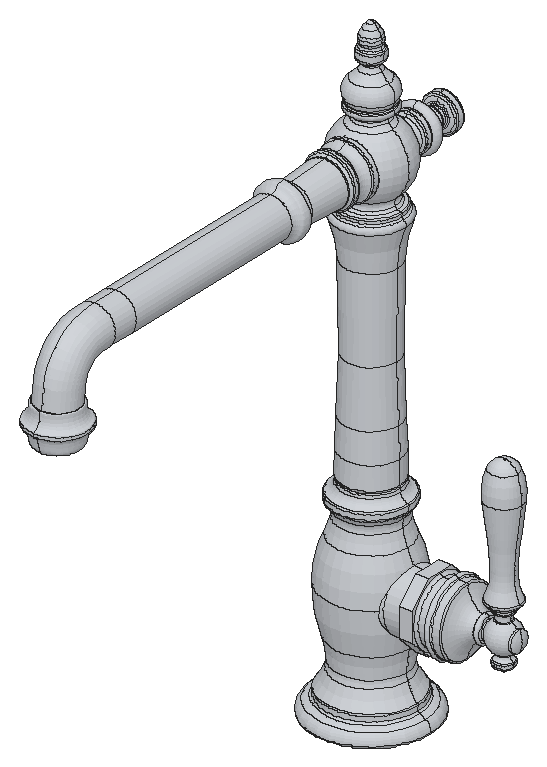
Revit family "Faucet-Kitchen_Sink-KOHLER-Artifacts-K-99266", category Plumbing Fixtures, host Face, Revit 2015
Parameters (values of type "CP-Polished Chrome")
  Width = 4 147/256"  # constant formula
  Waste Water Outlet = "Waste Water Outlet"  # constant formula
  Waste Connection = no
  Vent Connection = no
  URL = "https://www.us.kohler.com/us/"
  Type = 1
  Spout Reach = 8 1/2"  # constant formula
  Product Page URL = "http://www.us.kohler.com/us/catalog/productDetails.jsp?productNumber=99266"
  Product Name = "Artifacts"  # constant formula
  Product Documentation Link = "http://www.us.kohler.com/onlinecatalog/pdf/K-99266_spec.pdf"
  Pressure = 60.00 psi  # constant formula
  Model = if(Type = 1, "K-99266-CP", if(Type = 2, "K-99266-SN", if(Type = 3, "K-99266-VS", if(Type = 4, "K-99266-2BZ", "NA"))))  # "K-99266-CP"
  Material = "Premium metal construction"  # constant formula
  MasterFormat 2004 = "22.41.39"  # constant formula
  MasterFormat 1995 = "15410"  # constant formula
  Manufacturer Address = "444 Highland Dr, Kohler, WI 53044"  # constant formula
  Manufacturer = "KOHLER Co."  # constant formula
  Length = 11 87/256"  # constant formula
  Hot Water Inlet = "Hot Water Inlet"  # constant formula
  Height = 13 1/2"  # constant formula
  HW Connection = yes
  Flow Rate = 1.5 GPM  # constant formula
  Finish = Kohler-Metal-CP-Polished_Chrome
  Faucet Hole Spacing = 0"
  Environmental Product Declaration = ""
  Description = "Single-hole kitchen sink faucet with 13-1/2Inch swing spout, Victorian spout design"  # constant formula
  Default Elevation = 36"
  Declare Label = ""
  Date Modified = "02/26/2018"  # constant formula
  Date Created = "02/26/2018"  # constant formula
  Copyright = "Copyright KOHLER Co."  # constant formula
  Contact Us = "https://www.us.kohler.com/us/static/contact.jsp"
  Cold Water Inlet = "Cold Water Inlet"  # constant formula
  CW Connection = yes
  Assembly Code = "D2020"
  ADA Compliant = yes
Reference planes (in)
  plane 1 "Center (Front/Back)": y = 0
  plane 2: z = 0
  plane 3 "Center (Left/Right)": x = 0
  plane 4: z = 13.5
  plane 5: y = -8.5
  plane 6: y = 2.19268
  plane 7: y = -9.14717
  plane 8: x = -1.29663
  plane 9: x = 3.27759
Dimensions and locks (in)
  "Height": plane 4 to plane 2
  "Spout Reach": plane 5 to plane 1 "Center (Front/Back)"
  "Length": plane 7 to plane 6
  "Width": plane 9 to plane 8
  aligned and locked: plane 2 to host face
  aligned and locked: level to host face
Automatic sketch dimensions
  host sketch curve to host sketch curve = 96"  (x2)
Nested families (in)
  nested 1: "K-99266" at (0, 0, 0), type "K-99266"
Connectors (in)
  piping at (-0.68757, 0, 0), diameter 0.375, driven by "Flow Rate", driven by "Pressure", driven by "HW Connection", driven by "Hot Water Inlet"
    settings: on nested 1, index 1, connector inside diameter 24", connector length 0", flow factor 0, pipe flow 1.5 GPM, pressure drop 60.00 psi, fitting loss kfactor 0, connector angle 0.00°, fixture units 0, engagement length 0", angle of deflection 0.00°, flow configuration 1, flow direction 1, fitting loss method 4, system type 19, joint type 0, gender type 0, connector reference index -1, connector utility 1, adjustable connector no, is connector primary yes, connector description "Hot Water Inlet"
  piping at (0.68757, 0, 0), diameter 0.375, driven by "Flow Rate", driven by "Pressure", driven by "CW Connection", driven by "Cold Water Inlet"
    settings: on nested 1, index 2, connector inside diameter 24", connector length 0", flow factor 0, pipe flow 1.5 GPM, pressure drop 60.00 psi, fitting loss kfactor 0, connector angle 0.00°, fixture units 0, engagement length 0", angle of deflection 0.00°, flow configuration 1, flow direction 1, fitting loss method 4, system type 20, joint type 0, gender type 0, connector reference index -1, connector utility 1, adjustable connector no, is connector primary no, connector description "Cold Water Inlet"
Definition of nested family "K-99266"
  Parameters (values of type "K-99266")
    Material = none
  Reference planes (in)
    plane 1 "Center (Front/Back)": y = 0
    plane 2: z = 0
    plane 3 "Center (Left/Right)": x = 0
  Forms (in)
    Revolve 1, solid, material <- "Material"
      sketch origin (0, 0, 0) x (1, 0, 0) y (0, 0, 1)
        loop
          line (-1.27974, 0) -> (0, 0) -> (0, 13.42731)
          arc (0, 13.42731) -> (-0.04404, 13.41564) -> (-0.08083, 13.38877) r 0.12323
          arc (-0.08083, 13.38877) -> (-0.11821, 13.34536) -> (-0.15168, 13.29886) r 0.66065
          arc (-0.15168, 13.29886) -> (-0.184, 13.24276) -> (-0.20963, 13.18329) r 0.55955
          arc (-0.20963, 13.18329) -> (-0.21883, 13.15283) -> (-0.22457, 13.12154) r 0.28492
          arc (-0.22457, 13.12154) -> (-0.22787, 13.08685) -> (-0.22902, 13.05201) r 0.56589
          arc (-0.22902, 13.05201) -> (-0.22541, 13.0266) -> (-0.21475, 13.00326) r 0.0897
          arc (-0.21475, 13.00326) -> (-0.20663, 12.96732) -> (-0.22355, 12.93459) r 0.05378
          arc (-0.22355, 12.93459) -> (-0.24091, 12.92051) -> (-0.25989, 12.9087) r 0.17878
          arc (-0.25989, 12.9087) -> (-0.27252, 12.89661) -> (-0.27717, 12.87975) r 0.03288
          line (-0.27717, 12.87975) -> (-0.27717, 12.74358)
          arc (-0.27717, 12.74358) -> (-0.26872, 12.71612) -> (-0.24628, 12.69818) r 0.0488
          arc (-0.24628, 12.69818) -> (-0.21019, 12.67585) -> (-0.18416, 12.64233) r 0.11965
          arc (-0.18416, 12.64233) -> (-0.17898, 12.62732) -> (-0.17843, 12.61144) r 0.05341
          arc (-0.17843, 12.61144) -> (-0.19297, 12.55373) -> (-0.22202, 12.5018) r 0.2267
          arc (-0.22202, 12.5018) -> (-0.29829, 12.41308) -> (-0.38595, 12.33559) r 0.85548
          arc (-0.38595, 12.33559) -> (-0.49323, 12.18931) -> (-0.5055, 12.00832) r 0.32531
          arc (-0.5055, 12.00832) -> (-0.49326, 11.96482) -> (-0.47597, 11.92307) r 0.38139
          arc (-0.47597, 11.92307) -> (-0.46848, 11.90591) -> (-0.46241, 11.88821) r 0.23079
          arc (-0.46241, 11.88821) -> (-0.46192, 11.87266) -> (-0.46919, 11.85891) r 0.03041
          arc (-0.46919, 11.85891) -> (-0.47967, 11.84699) -> (-0.48959, 11.83459) r 0.34177
          arc (-0.48959, 11.83459) -> (-0.50033, 11.77007) -> (-0.45303, 11.72489) r 0.06993
          arc (-0.45303, 11.72489) -> (-0.42072, 11.71371) -> (-0.39104, 11.69675) r 0.18417
          arc (-0.39104, 11.69675) -> (-0.36924, 11.67283) -> (-0.3597, 11.64191) r 0.07421
          arc (-0.3597, 11.64191) -> (-0.36183, 11.60798) -> (-0.37338, 11.576) r 0.12003
          arc (-0.37338, 11.576) -> (-0.41344, 11.51867) -> (-0.46609, 11.47262) r 0.28955
          arc (-0.46609, 11.47262) -> (-0.8256, 10.85328) -> (-0.56769, 10.18522) r 0.82801
          spline (-0.56769, 10.18522) -> (-0.55283, 10.17031) -> (-0.53989, 10.15538) -> (-0.52888, 10.14043) -> (-0.5198, 10.12545) -> (-0.51264, 10.11045) -> (-0.50741, 10.09543) -> (-0.50411, 10.08038) -> (-0.50273, 10.06532) -> (-0.50328, 10.05023) -> (-0.50576, 10.03512) -> (-0.51017, 10.01998) -> (-0.5165, 10.00482)
          arc (-0.5165, 10.00482) -> (-0.53514, 9.97447) -> (-0.55958, 9.94855) r 0.17399
          arc (-0.55958, 9.94855) -> (-0.59743, 9.92615) -> (-0.64071, 9.91836) r 0.12414
          arc (-0.64071, 9.91836) -> (-0.6577, 9.91133) -> (-0.66473, 9.89434) r 0.02402
          line (-0.66473, 9.89434) -> (-0.66473, 9.83618)
          arc (-0.66473, 9.83618) -> (-0.67259, 9.80929) -> (-0.69369, 9.79086) r 0.04995
          arc (-0.69369, 9.79086) -> (-0.74797, 9.73361) -> (-0.74816, 9.65471) r 0.10683
          arc (-0.74816, 9.65471) -> (-0.62552, 9.24225) -> (-0.57598, 8.81481) r 2.48157
          arc (-0.57598, 8.81481) -> (-0.55808, 7.902) -> (-0.55657, 6.98903) r 50.8622
          arc (-0.55657, 6.98903) -> (-0.5679, 6.37381) -> (-0.59287, 5.75899) r 27.73623
          arc (-0.59287, 5.75899) -> (-0.60713, 5.43268) -> (-0.61614, 5.10618) r 20.32695
          line (-0.61614, 5.10618) -> (-0.62598, 4.60312)
          arc (-0.62598, 4.60312) -> (-0.61837, 4.58397) -> (-0.59937, 4.57599) r 0.02661
          line (-0.59937, 4.57599) -> (-0.54559, 4.57599) -> (-0.60157, 4.56099)
          arc (-0.60157, 4.56099) -> (-0.61722, 4.55481) -> (-0.62442, 4.5396) r 0.0229
          arc (-0.62442, 4.5396) -> (-0.62772, 4.50883) -> (-0.63353, 4.47843) r 0.37771
          arc (-0.63353, 4.47843) -> (-0.69402, 4.3663) -> (-0.80287, 4.30007) r 0.24345
          arc (-0.80287, 4.30007) -> (-0.81556, 4.29131) -> (-0.82044, 4.27668) r 0.02435
          line (-0.82044, 4.27668) -> (-0.82044, 4.16101)
          arc (-0.82044, 4.16101) -> (-0.81713, 4.14355) -> (-0.80765, 4.12853) r 0.04761
          arc (-0.80765, 4.12853) -> (-0.75642, 4.06508) -> (-0.71474, 3.99498) r 0.57158
          arc (-0.71474, 3.99498) -> (-0.68633, 3.90275) -> (-0.68956, 3.80631) r 0.29179
          arc (-0.68956, 3.80631) -> (-0.73645, 3.62772) -> (-0.80344, 3.45566) r 1.61306
          arc (-0.80344, 3.45566) -> (-0.95793, 2.98867) -> (-1.00768, 2.49931) r 2.25907
          arc (-1.00768, 2.49931) -> (-0.96528, 1.99757) -> (-0.84688, 1.50815) r 3.29284
          arc (-0.84688, 1.50815) -> (-0.78771, 1.26508) -> (-0.7656, 1.01589) r 1.66656
          arc (-0.7656, 1.01589) -> (-0.77128, 0.93941) -> (-0.79021, 0.86509) r 0.43831
          arc (-0.79021, 0.86509) -> (-0.87889, 0.66678) -> (-0.9993, 0.48597) r 1.30208
          arc (-0.9993, 0.48597) -> (-1.00741, 0.47125) -> (-1.01021, 0.45469) r 0.05032
          line (-1.01021, 0.45469) -> (-1.01021, 0.35409)
          arc (-1.01021, 0.35409) -> (-1.02158, 0.32129) -> (-1.05081, 0.30257) r 0.05298
          arc (-1.05081, 0.30257) -> (-1.12218, 0.27792) -> (-1.1875, 0.24003) r 0.39168
          arc (-1.1875, 0.24003) -> (-1.27039, 0.14387) -> (-1.30021, 0.02047) r 0.27019
          arc (-1.30021, 0.02047) -> (-1.29421, 0.006) -> (-1.27974, 0) r 0.02048
        axis (0, 13.42731) -> (0, 0)
      angle from 0 to 360
    Revolve 2, solid, material <- "Material"
      sketch origin (0, 0, 0) x (0, 1, 0) y (0, 0, 1)
        loop
          line (-8.94642, 8.95285) -> (-8.50243, 8.95285) -> (-8.50243, 9.75793) -> (-8.96672, 9.75793)
          spline (-8.96672, 9.75793) -> (-8.99504, 9.7462) -> (-8.99851, 9.71984) -> (-8.99766, 9.68755) -> (-8.99839, 9.65134) -> (-9.00304, 9.61168) -> (-9.0139, 9.56911) -> (-9.03139, 9.52614) -> (-9.05428, 9.48708) -> (-9.08127, 9.4563) -> (-9.11036, 9.43685) -> (-9.13456, 9.4223) -> (-9.14468, 9.40203)
          line (-9.14468, 9.40203) -> (-9.14468, 9.33062)
          spline (-9.14468, 9.33062) -> (-9.13189, 9.31114) -> (-9.10569, 9.29633) -> (-9.07996, 9.27549) -> (-9.05744, 9.2475) -> (-9.0392, 9.21275) -> (-9.02607, 9.17178) -> (-9.01683, 9.12659) -> (-9.00912, 9.08004) -> (-9.00057, 9.03496) -> (-8.98881, 8.99471) -> (-8.97153, 8.96514) -> (-8.94642, 8.95285)
        axis (-8.50243, 9.75793) -> (-8.50243, 8.95285)
      angle from 0 to 360
    Revolve 3, solid, material <- "Material"
      sketch origin (0, 0, 0) x (0, 1, 0) y (0, 0, 1)
        loop
          arc (2.19322, 10.78834) -> (2.18042, 10.89255) -> (2.1428, 10.99057) r 0.43075
          arc (2.1428, 10.99057) -> (2.11848, 11.02275) -> (2.08535, 11.04575) r 0.12784
          arc (2.08535, 11.04575) -> (2.06896, 11.05834) -> (2.05899, 11.07645) r 0.05043
          line (2.05899, 11.07645) -> (2.03069, 11.16901)
          arc (2.03069, 11.16901) -> (2.01978, 11.18444) -> (2.00184, 11.19036) r 0.03017
          line (2.00184, 11.19036) -> (1.87954, 11.19036)
          arc (1.87954, 11.19036) -> (1.86462, 11.18666) -> (1.85316, 11.1764) r 0.03189
          arc (1.85316, 11.1764) -> (1.83968, 11.15566) -> (1.82706, 11.13439) r 0.60339
          arc (1.82706, 11.13439) -> (1.80883, 11.0937) -> (1.7985, 11.05033) r 0.2381
          arc (1.7985, 11.05033) -> (1.7942, 11.03033) -> (1.7871, 11.01116) r 0.1428
          arc (1.7871, 11.01116) -> (1.77683, 10.99708) -> (1.76184, 10.98822) r 0.0431
          arc (1.76184, 10.98822) -> (1.73344, 10.98018) -> (1.70434, 10.97526) r 0.27224
          arc (1.70434, 10.97526) -> (1.68711, 10.97948) -> (1.67675, 10.99387) r 0.02562
          arc (1.67675, 10.99387) -> (1.66082, 11.0195) -> (1.63355, 11.03243) r 0.0535
          arc (1.63355, 11.03243) -> (1.59456, 11.02597) -> (1.56721, 10.99745) r 0.06262
          arc (1.56721, 10.99745) -> (1.55288, 10.98265) -> (1.53251, 10.97958) r 0.03217
          arc (1.53251, 10.97958) -> (1.50368, 10.99138) -> (1.48227, 11.01399) r 0.07394
          arc (1.48227, 11.01399) -> (1.41936, 11.12253) -> (1.36095, 11.23357) r 3.05802
          arc (1.36095, 11.23357) -> (1.23618, 11.29462) -> (1.14439, 11.19036) r 0.11447
          arc (1.14439, 11.19036) -> (1.1306, 11.20358) -> (1.11211, 11.2084) r 0.03789
          line (1.11211, 11.2084) -> (1.00631, 11.2084)
          arc (1.00631, 11.2084) -> (0.99045, 11.20367) -> (0.97975, 11.19104) r 0.02901
          arc (0.97975, 11.19104) -> (0.96228, 11.1595) -> (0.93929, 11.13173) r 0.19465
          arc (0.93929, 11.13173) -> (0.85685, 11.09235) -> (0.76802, 11.11373) r 0.13661
          arc (0.76802, 11.11373) -> (0.72629, 11.14585) -> (0.69009, 11.1841) r 0.33542
          arc (0.69009, 11.1841) -> (0.67559, 11.20344) -> (0.66253, 11.22377) r 0.33542
          line (0.66253, 11.22377) -> (-0.52982, 11.22377) -> (-0.52982, 11.36845)
          arc (-0.52982, 11.36845) -> (-0.53568, 11.38258) -> (-0.54981, 11.38843) r 0.01998
          line (-0.54981, 11.38843) -> (-0.67157, 11.38843)
          arc (-0.67157, 11.38843) -> (-0.68681, 11.38438) -> (-0.69802, 11.37329) r 0.03067
          arc (-0.69802, 11.37329) -> (-0.84866, 11.27552) -> (-1.0172, 11.33754) r 0.20057
          arc (-1.0172, 11.33754) -> (-1.03014, 11.34664) -> (-1.04563, 11.34985) r 0.039
          line (-1.04563, 11.34985) -> (-1.13015, 11.34985)
          arc (-1.13015, 11.34985) -> (-1.14744, 11.34497) -> (-1.15964, 11.33179) r 0.0331
          arc (-1.15964, 11.33179) -> (-1.18675, 11.30038) -> (-1.22531, 11.28509) r 0.08706
          arc (-1.22531, 11.28509) -> (-1.24155, 11.28318) -> (-1.25786, 11.28189) r 0.41994
          line (-1.25786, 11.28189) -> (-2.15934, 11.22863)
          arc (-2.15934, 11.22863) -> (-2.26076, 11.2524) -> (-2.33271, 11.32773) r 0.18267
          spline (-2.33271, 11.32773) -> (-2.34044, 11.34365) -> (-2.36132, 11.3583) -> (-2.39663, 11.36348) -> (-2.43676, 11.36332) -> (-2.4732, 11.36114) -> (-2.50157, 11.3568) -> (-2.5191, 11.34931) -> (-2.53112, 11.33564) -> (-2.54721, 11.31162) -> (-2.57685, 11.27596) -> (-2.62883, 11.2417) -> (-2.71172, 11.22639)
          line (-2.71172, 11.22639) -> (-6.92375, 11.22639) -> (-6.92375, 10.78834) -> (2.19322, 10.78834)
        axis (-6.92375, 10.78834) -> (2.19322, 10.78834)
      angle from 0 to 360
    Sweep 4, solid, material <- "Material"
      path origin (0, 0, 0) x (0, 1, 0) y (0, 0, 1)
        loop
          line (-8.50243, 9.50793) -> (-8.50243, 9.75793)
          spline (-8.50243, 9.75793) -> (-8.48764, 9.99467) -> (-8.4461, 10.19204) -> (-8.38206, 10.35364) -> (-8.29977, 10.48304) -> (-8.20347, 10.58381) -> (-8.09741, 10.65954) -> (-7.98584, 10.71381) -> (-7.87301, 10.75018) -> (-7.76316, 10.77224) -> (-7.66055, 10.78357) -> (-7.56941, 10.78775) -> (-7.494, 10.78834)
          line (-7.494, 10.78834) -> (-6.92375, 10.78834)
      profile origin (0, -6.92375, 10.78834) x (0, 0, 1) y (1, 0, 0)
        loop
          circle (0, 0) r 0.43804
    Revolve 5, solid, material <- "Material"
      sketch origin (-5.75085, 0, -1.69229) x (1, 0, 0) y (0, 0, 1)
        loop
          line (8.8324, 4.38765) -> (8.8324, 4.16407) -> (9.02944, 4.16407)
          arc (9.02944, 4.16407) -> (9.01381, 4.28) -> (8.96805, 4.38765) r 0.43789
          line (8.96805, 4.38765) -> (8.8324, 4.38765)
        loop
          line (6.42396, 4.88858) -> (6.42396, 4.16407) -> (8.2952, 4.16407) -> (8.35506, 4.16407) -> (8.35506, 4.36668) -> (8.2952, 4.36668) -> (8.2952, 4.41507)
          arc (8.2952, 4.41507) -> (8.25611, 4.46064) -> (8.20101, 4.43682) r 0.05061
          arc (8.20101, 4.43682) -> (8.18891, 4.42741) -> (8.17411, 4.42346) r 0.03855
          spline (8.17411, 4.42346) -> (8.12376, 4.4409) -> (8.07838, 4.4663) -> (8.04319, 4.49009) -> (8.01652, 4.51776) -> (7.98897, 4.55038) -> (7.96525, 4.58125) -> (7.94262, 4.61738) -> (7.92367, 4.65405) -> (7.90456, 4.69556) -> (7.88346, 4.74406) -> (7.86613, 4.79403) -> (7.84432, 4.88261)
          arc (7.84432, 4.88261) -> (7.8399, 4.90014) -> (7.82526, 4.91073) r 0.02642
          line (7.82526, 4.91073) -> (7.66085, 4.91073)
          arc (7.66085, 4.91073) -> (7.64387, 4.91446) -> (7.63214, 4.92731) r 0.02877
          arc (7.63214, 4.92731) -> (7.57954, 4.96094) -> (7.52694, 4.92731) r 0.05795
          line (7.52694, 4.92731) -> (7.52694, 4.83635) -> (7.31436, 4.84378)
          arc (7.31436, 4.84378) -> (7.27214, 4.86257) -> (7.25483, 4.90542) r 0.06168
          line (7.25483, 4.90542) -> (7.25483, 5.01325) -> (6.98058, 5.01325) -> (6.98058, 4.83062) -> (6.55537, 4.84547)
          arc (6.55537, 4.84547) -> (6.48661, 4.85769) -> (6.42396, 4.88858) r 0.24838
        axis (6.42396, 4.16407) -> (9.02944, 4.16407)
      angle from 0 to 360
    Revolve 6, solid, material <- "Material"
      sketch origin (-5.76648, 0, -1.68545) x (1, 0, 0) y (0, 0, 1)
        loop
          line (8.64982, 4.8849) -> (8.64982, 7.6079)
          arc (8.64982, 7.6079) -> (8.47033, 7.54846) -> (8.35309, 7.40012) r 0.32937
          arc (8.35309, 7.40012) -> (8.27703, 7.11266) -> (8.27092, 6.81538) r 1.25185
          spline (8.27092, 6.81538) -> (8.30118, 6.53354) -> (8.33234, 6.28131) -> (8.36055, 6.08106) -> (8.38202, 5.93763) -> (8.39317, 5.83741) -> (8.39843, 5.74169) -> (8.40801, 5.61052) -> (8.4127, 5.51168) -> (8.41944, 5.37863) -> (8.41019, 5.25029) -> (8.39267, 5.13344) -> (8.30022, 4.8849)
          arc (8.30022, 4.8849) -> (8.28998, 4.86182) -> (8.29606, 4.83731) r 0.03892
          arc (8.29606, 4.83731) -> (8.35122, 4.7758) -> (8.42274, 4.73441) r 0.2632
          line (8.42274, 4.73441) -> (8.42274, 4.68049)
          arc (8.42274, 4.68049) -> (8.42839, 4.66603) -> (8.44233, 4.65922) r 0.02134
          arc (8.44233, 4.65922) -> (8.47164, 4.64715) -> (8.4886, 4.62037) r 0.05228
          arc (8.4886, 4.62037) -> (8.49878, 4.55965) -> (8.49791, 4.49809) r 0.34202
          arc (8.49791, 4.49809) -> (8.49131, 4.47952) -> (8.47695, 4.46601) r 0.04191
          arc (8.47695, 4.46601) -> (8.30018, 4.1492) -> (8.49918, 3.84586) r 0.35004
          arc (8.49918, 3.84586) -> (8.51709, 3.83072) -> (8.5253, 3.80875) r 0.04633
          arc (8.5253, 3.80875) -> (8.5084, 3.74342) -> (8.45303, 3.70485) r 0.09716
          arc (8.45303, 3.70485) -> (8.4399, 3.6962) -> (8.43482, 3.68132) r 0.02431
          line (8.43482, 3.68132) -> (8.43482, 3.61971)
          arc (8.43482, 3.61971) -> (8.43983, 3.60549) -> (8.45264, 3.59755) r 0.02268
          arc (8.45264, 3.59755) -> (8.47178, 3.59129) -> (8.48929, 3.58136) r 0.10079
          arc (8.48929, 3.58136) -> (8.51717, 3.55995) -> (8.54331, 3.53644) r 0.45307
          arc (8.54331, 3.53644) -> (8.56853, 3.51394) -> (8.59557, 3.49369) r 0.39479
          arc (8.59557, 3.49369) -> (8.62143, 3.48119) -> (8.64982, 3.4769) r 0.09607
          line (8.64982, 3.4769) -> (8.64982, 4.8849)
        axis (8.64982, 7.6079) -> (8.64982, 3.4769)
      angle from 0 to 360
    Extrusion 7, void
      sketch origin (-0.00085, 0, -2.25039) x (0, 1, 0) y (0, 0, 1)
        loop
          line (-0.31205, 5.47335) -> (-0.75335, 5.03205) -> (-0.75335, 4.40795) -> (-0.31205, 3.96665) -> (0.31205, 3.96665) -> (0.75335, 4.40795) -> (0.75335, 5.03205) -> (0.31205, 5.47335) -> (-0.31205, 5.47335)
        loop
          circle (0, 4.72218) r 0.90225
      from 1.1939 to 1.5365
    Extrusion 8, solid, material <- "Material"
      sketch origin (0, 0, 0) x (1, 0, 0) y (0, 1, 0)
        loop
          circle (-0.68757, 0) r 0.23454
        loop
          circle (0.68757, 0) r 0.23454
      from 0 to 0.20385
  Cuts and joins
    joined: Revolve 2, Revolve 3, Sweep 4
    Extrusion 7 cuts Revolve 5
    joined: Revolve 5, Revolve 6
  Lines and regions (in)
    Masking region 1
      outline origin (0, 0, 0) x (1, 0, 0) y (0, 0, 1)
        loop
          line (-1.27974, 0) -> (1.27974, 0)
          arc (1.27974, 0) -> (1.29421, 0.006) -> (1.30021, 0.02048) r 0.02048
          arc (1.30021, 0.02048) -> (1.27039, 0.14387) -> (1.1875, 0.24003) r 0.27019
          arc (1.1875, 0.24003) -> (1.12218, 0.27792) -> (1.05081, 0.30257) r 0.39168
          arc (1.05081, 0.30257) -> (1.02158, 0.3213) -> (1.01021, 0.35409) r 0.05298
          line (1.01021, 0.35409) -> (1.01021, 0.45469)
          arc (1.01021, 0.45469) -> (1.00741, 0.47125) -> (0.9993, 0.48597) r 0.05032
          arc (0.9993, 0.48597) -> (0.87889, 0.66678) -> (0.79021, 0.86509) r 1.30208
          arc (0.79021, 0.86509) -> (0.77128, 0.93941) -> (0.7656, 1.01589) r 0.43831
          arc (0.7656, 1.01589) -> (0.78771, 1.26508) -> (0.84688, 1.50815) r 1.66656
          arc (0.84688, 1.50815) -> (0.88897, 1.64833) -> (0.92478, 1.79024) r 3.29284
          line (0.92478, 1.79024) -> (1.22973, 1.80089) -> (1.22973, 1.69036) -> (1.50398, 1.69036) -> (1.50398, 1.72608)
          arc (1.50398, 1.72608) -> (1.52129, 1.76893) -> (1.56351, 1.78773) r 0.06168
          line (1.56351, 1.78773) -> (1.77608, 1.79515) -> (1.77608, 1.7042)
          arc (1.77608, 1.7042) -> (1.82868, 1.67057) -> (1.88129, 1.7042) r 0.05795
          arc (1.88129, 1.7042) -> (1.89301, 1.71704) -> (1.91, 1.72078) r 0.02877
          line (1.91, 1.72078) -> (2.0744, 1.72078)
          arc (2.0744, 1.72078) -> (2.08905, 1.73137) -> (2.09346, 1.74889) r 0.02642
          spline (2.09346, 1.74889) -> (2.11528, 1.83747) -> (2.13261, 1.88744) -> (2.1537, 1.93594) -> (2.17282, 1.97746) -> (2.19177, 2.01413) -> (2.21439, 2.05026) -> (2.23812, 2.08112) -> (2.26566, 2.11374) -> (2.29234, 2.14142) -> (2.32752, 2.16521) -> (2.37291, 2.1906) -> (2.42326, 2.20804)
          arc (2.42326, 2.20804) -> (2.43806, 2.20409) -> (2.45015, 2.19469) r 0.03855
          arc (2.45015, 2.19469) -> (2.50526, 2.17086) -> (2.54434, 2.21643) r 0.05061
          line (2.54434, 2.21643) -> (2.54434, 2.26482) -> (2.60457, 2.26482)
          arc (2.60457, 2.26482) -> (2.66238, 2.20495) -> (2.7327, 2.16041) r 0.35004
          arc (2.7327, 2.16041) -> (2.75061, 2.14527) -> (2.75882, 2.1233) r 0.04633
          arc (2.75882, 2.1233) -> (2.74192, 2.05797) -> (2.68655, 2.0194) r 0.09716
          arc (2.68655, 2.0194) -> (2.67343, 2.01075) -> (2.66834, 1.99587) r 0.02431
          line (2.66834, 1.99587) -> (2.66834, 1.93426)
          arc (2.66834, 1.93426) -> (2.67335, 1.92004) -> (2.68616, 1.9121) r 0.02268
          arc (2.68616, 1.9121) -> (2.7053, 1.90584) -> (2.72281, 1.89591) r 0.10079
          arc (2.72281, 1.89591) -> (2.75069, 1.8745) -> (2.77683, 1.85099) r 0.45307
          arc (2.77683, 1.85099) -> (2.80205, 1.82849) -> (2.82909, 1.80824) r 0.39479
          arc (2.82909, 1.80824) -> (2.85495, 1.79574) -> (2.88334, 1.79145) r 0.09607
          arc (2.88334, 1.79145) -> (2.91174, 1.79574) -> (2.93759, 1.80824) r 0.09607
          arc (2.93759, 1.80824) -> (2.96464, 1.82849) -> (2.98985, 1.85099) r 0.39479
          arc (2.98985, 1.85099) -> (3.01599, 1.8745) -> (3.04388, 1.89591) r 0.45307
          arc (3.04388, 1.89591) -> (3.06139, 1.90584) -> (3.08052, 1.9121) r 0.10079
          arc (3.08052, 1.9121) -> (3.09333, 1.92004) -> (3.09834, 1.93426) r 0.02268
          line (3.09834, 1.93426) -> (3.09834, 1.99587)
          arc (3.09834, 1.99587) -> (3.09326, 2.01075) -> (3.08013, 2.0194) r 0.02431
          arc (3.08013, 2.0194) -> (3.02476, 2.05797) -> (3.00786, 2.1233) r 0.09716
          arc (3.00786, 2.1233) -> (3.01607, 2.14527) -> (3.03399, 2.16041) r 0.04633
          arc (3.03399, 2.16041) -> (3.09362, 2.19658) -> (3.14489, 2.24385) r 0.35004
          line (3.14489, 2.24385) -> (3.2172, 2.24385)
          arc (3.2172, 2.24385) -> (3.27753, 2.46961) -> (3.2172, 2.69537) r 0.45257
          line (3.2172, 2.69537) -> (3.15618, 2.69537)
          arc (3.15618, 2.69537) -> (3.11023, 2.7427) -> (3.05622, 2.78056) r 0.35004
          arc (3.05622, 2.78056) -> (3.04185, 2.79407) -> (3.03525, 2.81264) r 0.04191
          arc (3.03525, 2.81264) -> (3.03439, 2.8742) -> (3.04457, 2.93492) r 0.34202
          arc (3.04457, 2.93492) -> (3.06152, 2.9617) -> (3.09084, 2.97377) r 0.05228
          arc (3.09084, 2.97377) -> (3.10478, 2.98058) -> (3.11042, 2.99504) r 0.02134
          line (3.11042, 2.99504) -> (3.11042, 3.04896)
          arc (3.11042, 3.04896) -> (3.18194, 3.09035) -> (3.23711, 3.15186) r 0.2632
          arc (3.23711, 3.15186) -> (3.24318, 3.17637) -> (3.23294, 3.19945) r 0.03892
          spline (3.23294, 3.19945) -> (3.1405, 3.44799) -> (3.12298, 3.56484) -> (3.11373, 3.69318) -> (3.12046, 3.82623) -> (3.12516, 3.92507) -> (3.13474, 4.05624) -> (3.13999, 4.15196) -> (3.15114, 4.25218) -> (3.17261, 4.39561) -> (3.20082, 4.59586) -> (3.23198, 4.84809) -> (3.26224, 5.12993)
          arc (3.26224, 5.12993) -> (3.25613, 5.42721) -> (3.18008, 5.71467) r 1.25185
          arc (3.18008, 5.71467) -> (3.06284, 5.86301) -> (2.88334, 5.92245) r 0.32937
          arc (2.88334, 5.92245) -> (2.70385, 5.86301) -> (2.58661, 5.71467) r 0.32937
          arc (2.58661, 5.71467) -> (2.51056, 5.42721) -> (2.50444, 5.12993) r 1.25185
          spline (2.50444, 5.12993) -> (2.5347, 4.84809) -> (2.56586, 4.59586) -> (2.59407, 4.39561) -> (2.61554, 4.25218) -> (2.62669, 4.15196) -> (2.63195, 4.05624) -> (2.64153, 3.92507) -> (2.64623, 3.82623) -> (2.65296, 3.69318) -> (2.64371, 3.56484) -> (2.62619, 3.44799) -> (2.53374, 3.19945)
          arc (2.53374, 3.19945) -> (2.5235, 3.17637) -> (2.52958, 3.15186) r 0.03892
          arc (2.52958, 3.15186) -> (2.58474, 3.09035) -> (2.65626, 3.04896) r 0.2632
          line (2.65626, 3.04896) -> (2.65626, 2.99504)
          arc (2.65626, 2.99504) -> (2.66191, 2.98058) -> (2.67585, 2.97377) r 0.02134
          arc (2.67585, 2.97377) -> (2.70516, 2.9617) -> (2.72212, 2.93492) r 0.05228
          arc (2.72212, 2.93492) -> (2.7323, 2.8742) -> (2.73143, 2.81264) r 0.34202
          arc (2.73143, 2.81264) -> (2.72483, 2.79407) -> (2.71047, 2.78056) r 0.04191
          arc (2.71047, 2.78056) -> (2.64667, 2.73404) -> (2.59493, 2.67439) r 0.35004
          line (2.59493, 2.67439) -> (2.54434, 2.67439) -> (2.54434, 2.72279)
          arc (2.54434, 2.72279) -> (2.50526, 2.76836) -> (2.45015, 2.74453) r 0.05061
          arc (2.45015, 2.74453) -> (2.43806, 2.73513) -> (2.42326, 2.73117) r 0.03855
          spline (2.42326, 2.73117) -> (2.37291, 2.74862) -> (2.32752, 2.77401) -> (2.29234, 2.7978) -> (2.26566, 2.82548) -> (2.23812, 2.8581) -> (2.21439, 2.88896) -> (2.19177, 2.92509) -> (2.17282, 2.96176) -> (2.1537, 3.00328) -> (2.13261, 3.05178) -> (2.11528, 3.10174) -> (2.09346, 3.19032)
          arc (2.09346, 3.19032) -> (2.08905, 3.20785) -> (2.0744, 3.21844) r 0.02642
          line (2.0744, 3.21844) -> (1.91, 3.21844)
          arc (1.91, 3.21844) -> (1.89301, 3.22218) -> (1.88129, 3.23502) r 0.02877
          arc (1.88129, 3.23502) -> (1.82868, 3.26865) -> (1.77608, 3.23502) r 0.05795
          line (1.77608, 3.23502) -> (1.77608, 3.14407) -> (1.56351, 3.15149)
          arc (1.56351, 3.15149) -> (1.52129, 3.17029) -> (1.50398, 3.21314) r 0.06168
          line (1.50398, 3.21314) -> (1.50398, 3.2446) -> (1.22973, 3.2446) -> (1.22973, 3.13833) -> (0.91743, 3.14924)
          arc (0.91743, 3.14924) -> (0.86599, 3.30451) -> (0.80344, 3.45566) r 2.25907
          arc (0.80344, 3.45566) -> (0.73645, 3.62772) -> (0.68956, 3.80631) r 1.61306
          arc (0.68956, 3.80631) -> (0.68633, 3.90276) -> (0.71474, 3.99498) r 0.29179
          arc (0.71474, 3.99498) -> (0.75642, 4.06508) -> (0.80765, 4.12853) r 0.57158
          arc (0.80765, 4.12853) -> (0.81713, 4.14355) -> (0.82044, 4.16101) r 0.04761
          line (0.82044, 4.16101) -> (0.82044, 4.27668)
          arc (0.82044, 4.27668) -> (0.81556, 4.29131) -> (0.80287, 4.30007) r 0.02435
          arc (0.80287, 4.30007) -> (0.69402, 4.3663) -> (0.63353, 4.47843) r 0.24345
          arc (0.63353, 4.47843) -> (0.62772, 4.50883) -> (0.62442, 4.5396) r 0.37771
          arc (0.62442, 4.5396) -> (0.61722, 4.55481) -> (0.60157, 4.56099) r 0.0229
          line (0.60157, 4.56099) -> (0.54559, 4.57599) -> (0.59937, 4.57599)
          arc (0.59937, 4.57599) -> (0.61837, 4.58397) -> (0.62598, 4.60312) r 0.02661
          line (0.62598, 4.60312) -> (0.61614, 5.10618)
          arc (0.61614, 5.10618) -> (0.60713, 5.43268) -> (0.59287, 5.759) r 20.32695
          arc (0.59287, 5.759) -> (0.5679, 6.37381) -> (0.55657, 6.98903) r 27.73623
          arc (0.55657, 6.98903) -> (0.55808, 7.902) -> (0.57598, 8.81481) r 50.8622
          arc (0.57598, 8.81481) -> (0.62552, 9.24225) -> (0.74816, 9.65471) r 2.48157
          arc (0.74816, 9.65471) -> (0.74797, 9.73361) -> (0.69369, 9.79086) r 0.10683
          arc (0.69369, 9.79086) -> (0.67259, 9.80929) -> (0.66473, 9.83618) r 0.04995
          line (0.66473, 9.83618) -> (0.66473, 9.89435)
          arc (0.66473, 9.89435) -> (0.6577, 9.91133) -> (0.64071, 9.91836) r 0.02402
          arc (0.64071, 9.91836) -> (0.59743, 9.92615) -> (0.55958, 9.94855) r 0.12414
          arc (0.55958, 9.94855) -> (0.53514, 9.97447) -> (0.5165, 10.00482) r 0.17399
          spline (0.5165, 10.00482) -> (0.51017, 10.01998) -> (0.50576, 10.03512) -> (0.50328, 10.05023) -> (0.50273, 10.06532) -> (0.50411, 10.08038) -> (0.50741, 10.09543) -> (0.51264, 10.11045) -> (0.5198, 10.12545) -> (0.52888, 10.14043) -> (0.53989, 10.15538) -> (0.55283, 10.17031) -> (0.56769, 10.18522)
          arc (0.56769, 10.18522) -> (0.8256, 10.85328) -> (0.46609, 11.47262) r 0.82801
          arc (0.46609, 11.47262) -> (0.41344, 11.51867) -> (0.37338, 11.576) r 0.28955
          arc (0.37338, 11.576) -> (0.36183, 11.60798) -> (0.3597, 11.64191) r 0.12003
          arc (0.3597, 11.64191) -> (0.36924, 11.67283) -> (0.39104, 11.69675) r 0.07421
          arc (0.39104, 11.69675) -> (0.42072, 11.71371) -> (0.45303, 11.72489) r 0.18417
          arc (0.45303, 11.72489) -> (0.50033, 11.77007) -> (0.48959, 11.83459) r 0.06993
          arc (0.48959, 11.83459) -> (0.47967, 11.84699) -> (0.46919, 11.85891) r 0.34177
          arc (0.46919, 11.85891) -> (0.46192, 11.87266) -> (0.46241, 11.88821) r 0.03041
          arc (0.46241, 11.88821) -> (0.46848, 11.90591) -> (0.47597, 11.92307) r 0.23079
          arc (0.47597, 11.92307) -> (0.49326, 11.96482) -> (0.5055, 12.00832) r 0.38139
          arc (0.5055, 12.00832) -> (0.49323, 12.18931) -> (0.38595, 12.33559) r 0.32531
          arc (0.38595, 12.33559) -> (0.29829, 12.41308) -> (0.22202, 12.5018) r 0.85548
          arc (0.22202, 12.5018) -> (0.19297, 12.55374) -> (0.17843, 12.61144) r 0.2267
          arc (0.17843, 12.61144) -> (0.17898, 12.62732) -> (0.18416, 12.64233) r 0.05341
          arc (0.18416, 12.64233) -> (0.21019, 12.67585) -> (0.24628, 12.69818) r 0.11965
          arc (0.24628, 12.69818) -> (0.26872, 12.71612) -> (0.27717, 12.74358) r 0.0488
          line (0.27717, 12.74358) -> (0.27717, 12.87975)
          arc (0.27717, 12.87975) -> (0.27252, 12.89661) -> (0.25989, 12.9087) r 0.03288
          arc (0.25989, 12.9087) -> (0.24091, 12.92051) -> (0.22355, 12.93459) r 0.17878
          arc (0.22355, 12.93459) -> (0.20663, 12.96732) -> (0.21475, 13.00326) r 0.05378
          arc (0.21475, 13.00326) -> (0.22541, 13.0266) -> (0.22902, 13.05201) r 0.0897
          arc (0.22902, 13.05201) -> (0.22787, 13.08685) -> (0.22457, 13.12155) r 0.56589
          arc (0.22457, 13.12155) -> (0.21883, 13.15283) -> (0.20963, 13.18329) r 0.28492
          arc (0.20963, 13.18329) -> (0.184, 13.24276) -> (0.15168, 13.29887) r 0.55955
          arc (0.15168, 13.29887) -> (0.11821, 13.34536) -> (0.08083, 13.38877) r 0.66065
          arc (0.08083, 13.38877) -> (0.04404, 13.41564) -> (0, 13.42731) r 0.12323
          arc (0, 13.42731) -> (-0.04404, 13.41564) -> (-0.08083, 13.38877) r 0.12323
          arc (-0.08083, 13.38877) -> (-0.11821, 13.34536) -> (-0.15168, 13.29887) r 0.66065
          arc (-0.15168, 13.29887) -> (-0.184, 13.24276) -> (-0.20963, 13.18329) r 0.55955
          arc (-0.20963, 13.18329) -> (-0.21883, 13.15283) -> (-0.22457, 13.12155) r 0.28492
          arc (-0.22457, 13.12155) -> (-0.22787, 13.08685) -> (-0.22902, 13.05201) r 0.56589
          arc (-0.22902, 13.05201) -> (-0.22541, 13.0266) -> (-0.21475, 13.00326) r 0.0897
          arc (-0.21475, 13.00326) -> (-0.20663, 12.96732) -> (-0.22355, 12.93459) r 0.05378
          arc (-0.22355, 12.93459) -> (-0.24091, 12.92051) -> (-0.25989, 12.9087) r 0.17878
          arc (-0.25989, 12.9087) -> (-0.27252, 12.89661) -> (-0.27717, 12.87975) r 0.03288
          line (-0.27717, 12.87975) -> (-0.27717, 12.74358)
          arc (-0.27717, 12.74358) -> (-0.26872, 12.71612) -> (-0.24628, 12.69818) r 0.0488
          arc (-0.24628, 12.69818) -> (-0.21019, 12.67585) -> (-0.18416, 12.64233) r 0.11965
          arc (-0.18416, 12.64233) -> (-0.17898, 12.62732) -> (-0.17843, 12.61144) r 0.05341
          arc (-0.17843, 12.61144) -> (-0.19297, 12.55374) -> (-0.22202, 12.5018) r 0.2267
          arc (-0.22202, 12.5018) -> (-0.29829, 12.41308) -> (-0.38595, 12.33559) r 0.85548
          arc (-0.38595, 12.33559) -> (-0.49323, 12.18931) -> (-0.5055, 12.00832) r 0.32531
          arc (-0.5055, 12.00832) -> (-0.49326, 11.96482) -> (-0.47597, 11.92307) r 0.38139
          arc (-0.47597, 11.92307) -> (-0.46848, 11.90591) -> (-0.46241, 11.88821) r 0.23079
          arc (-0.46241, 11.88821) -> (-0.46192, 11.87266) -> (-0.46919, 11.85891) r 0.03041
          arc (-0.46919, 11.85891) -> (-0.47967, 11.84699) -> (-0.48959, 11.83459) r 0.34177
          arc (-0.48959, 11.83459) -> (-0.50033, 11.77007) -> (-0.45303, 11.72489) r 0.06993
          arc (-0.45303, 11.72489) -> (-0.42072, 11.71371) -> (-0.39104, 11.69675) r 0.18417
          arc (-0.39104, 11.69675) -> (-0.36924, 11.67283) -> (-0.3597, 11.64191) r 0.07421
          arc (-0.3597, 11.64191) -> (-0.36183, 11.60798) -> (-0.37338, 11.576) r 0.12003
          arc (-0.37338, 11.576) -> (-0.41344, 11.51867) -> (-0.46609, 11.47262) r 0.28955
          arc (-0.46609, 11.47262) -> (-0.8256, 10.85328) -> (-0.56769, 10.18522) r 0.82801
          spline (-0.56769, 10.18522) -> (-0.55283, 10.17031) -> (-0.53989, 10.15538) -> (-0.52888, 10.14043) -> (-0.5198, 10.12545) -> (-0.51264, 10.11045) -> (-0.50741, 10.09543) -> (-0.50411, 10.08038) -> (-0.50273, 10.06532) -> (-0.50328, 10.05023) -> (-0.50576, 10.03512) -> (-0.51017, 10.01998) -> (-0.5165, 10.00482)
          arc (-0.5165, 10.00482) -> (-0.53514, 9.97447) -> (-0.55958, 9.94855) r 0.17399
          arc (-0.55958, 9.94855) -> (-0.59743, 9.92615) -> (-0.64071, 9.91836) r 0.12414
          arc (-0.64071, 9.91836) -> (-0.6577, 9.91133) -> (-0.66473, 9.89435) r 0.02402
          line (-0.66473, 9.89435) -> (-0.66473, 9.83618)
          arc (-0.66473, 9.83618) -> (-0.67259, 9.80929) -> (-0.69369, 9.79086) r 0.04995
          arc (-0.69369, 9.79086) -> (-0.74797, 9.73361) -> (-0.74816, 9.65471) r 0.10683
          arc (-0.74816, 9.65471) -> (-0.62552, 9.24225) -> (-0.57598, 8.81481) r 2.48157
          arc (-0.57598, 8.81481) -> (-0.55808, 7.902) -> (-0.55657, 6.98903) r 50.8622
          arc (-0.55657, 6.98903) -> (-0.5679, 6.37381) -> (-0.59287, 5.759) r 27.73623
          arc (-0.59287, 5.759) -> (-0.60713, 5.43268) -> (-0.61614, 5.10618) r 20.32695
          line (-0.61614, 5.10618) -> (-0.62598, 4.60312)
          arc (-0.62598, 4.60312) -> (-0.61837, 4.58397) -> (-0.59937, 4.57599) r 0.02661
          line (-0.59937, 4.57599) -> (-0.54559, 4.57599) -> (-0.60157, 4.56099)
          arc (-0.60157, 4.56099) -> (-0.61722, 4.55481) -> (-0.62442, 4.5396) r 0.0229
          arc (-0.62442, 4.5396) -> (-0.62772, 4.50883) -> (-0.63353, 4.47843) r 0.37771
          arc (-0.63353, 4.47843) -> (-0.69402, 4.3663) -> (-0.80287, 4.30007) r 0.24345
          arc (-0.80287, 4.30007) -> (-0.81556, 4.29131) -> (-0.82044, 4.27668) r 0.02435
          line (-0.82044, 4.27668) -> (-0.82044, 4.16101)
          arc (-0.82044, 4.16101) -> (-0.81713, 4.14355) -> (-0.80765, 4.12853) r 0.04761
          arc (-0.80765, 4.12853) -> (-0.75642, 4.06508) -> (-0.71474, 3.99498) r 0.57158
          arc (-0.71474, 3.99498) -> (-0.68633, 3.90276) -> (-0.68956, 3.80631) r 0.29179
          arc (-0.68956, 3.80631) -> (-0.73645, 3.62772) -> (-0.80344, 3.45566) r 1.61306
          arc (-0.80344, 3.45566) -> (-0.95793, 2.98867) -> (-1.00768, 2.49931) r 2.25907
          arc (-1.00768, 2.49931) -> (-0.96528, 1.99757) -> (-0.84688, 1.50815) r 3.29284
          arc (-0.84688, 1.50815) -> (-0.78771, 1.26508) -> (-0.7656, 1.01589) r 1.66656
          arc (-0.7656, 1.01589) -> (-0.77128, 0.93941) -> (-0.79021, 0.86509) r 0.43831
          arc (-0.79021, 0.86509) -> (-0.87889, 0.66678) -> (-0.9993, 0.48597) r 1.30208
          arc (-0.9993, 0.48597) -> (-1.00741, 0.47125) -> (-1.01021, 0.45469) r 0.05032
          line (-1.01021, 0.45469) -> (-1.01021, 0.35409)
          arc (-1.01021, 0.35409) -> (-1.02158, 0.3213) -> (-1.05081, 0.30257) r 0.05298
          arc (-1.05081, 0.30257) -> (-1.12218, 0.27792) -> (-1.1875, 0.24003) r 0.39168
          arc (-1.1875, 0.24003) -> (-1.27039, 0.14387) -> (-1.30021, 0.02048) r 0.27019
          arc (-1.30021, 0.02048) -> (-1.29421, 0.006) -> (-1.27974, 0) r 0.02048
    Masking region 2
      outline origin (0, 0, 0) x (0, 1, 0) y (0, 0, 1)
        loop
          arc (1.30021, 0.02048) -> (1.27039, 0.14387) -> (1.1875, 0.24003) r 0.27019
          arc (1.1875, 0.24003) -> (1.12218, 0.27792) -> (1.05081, 0.30257) r 0.39168
          arc (1.05081, 0.30257) -> (1.02158, 0.3213) -> (1.01021, 0.35409) r 0.05298
          line (1.01021, 0.35409) -> (1.01021, 0.45469)
          arc (1.01021, 0.45469) -> (1.00741, 0.47125) -> (0.9993, 0.48597) r 0.05032
          arc (0.9993, 0.48597) -> (0.87889, 0.66678) -> (0.79021, 0.86509) r 1.30208
          arc (0.79021, 0.86509) -> (0.77128, 0.93941) -> (0.7656, 1.01589) r 0.43831
          arc (0.7656, 1.01589) -> (0.78771, 1.26508) -> (0.84688, 1.50815) r 1.66656
          arc (0.84688, 1.50815) -> (0.96528, 1.99757) -> (1.00768, 2.49931) r 3.29284
          arc (1.00768, 2.49931) -> (0.95793, 2.98867) -> (0.80344, 3.45566) r 2.25907
          arc (0.80344, 3.45566) -> (0.73645, 3.62772) -> (0.68956, 3.80631) r 1.61306
          arc (0.68956, 3.80631) -> (0.68633, 3.90276) -> (0.71474, 3.99498) r 0.29179
          arc (0.71474, 3.99498) -> (0.75642, 4.06508) -> (0.80765, 4.12853) r 0.57158
          arc (0.80765, 4.12853) -> (0.81713, 4.14355) -> (0.82044, 4.16101) r 0.04761
          line (0.82044, 4.16101) -> (0.82044, 4.27668)
          arc (0.82044, 4.27668) -> (0.81556, 4.29131) -> (0.80287, 4.30007) r 0.02435
          arc (0.80287, 4.30007) -> (0.69402, 4.3663) -> (0.63353, 4.47843) r 0.24345
          arc (0.63353, 4.47843) -> (0.62772, 4.50883) -> (0.62442, 4.5396) r 0.37771
          arc (0.62442, 4.5396) -> (0.61722, 4.55481) -> (0.60157, 4.56099) r 0.0229
          line (0.60157, 4.56099) -> (0.54559, 4.57599) -> (0.59937, 4.57599)
          arc (0.59937, 4.57599) -> (0.61837, 4.58397) -> (0.62598, 4.60312) r 0.02661
          line (0.62598, 4.60312) -> (0.61614, 5.10618)
          arc (0.61614, 5.10618) -> (0.60713, 5.43268) -> (0.59287, 5.759) r 20.32695
          arc (0.59287, 5.759) -> (0.5679, 6.37381) -> (0.55657, 6.98903) r 27.73623
          arc (0.55657, 6.98903) -> (0.55808, 7.902) -> (0.57598, 8.81481) r 50.8622
          arc (0.57598, 8.81481) -> (0.62552, 9.24225) -> (0.74816, 9.65471) r 2.48157
          arc (0.74816, 9.65471) -> (0.74797, 9.73361) -> (0.69369, 9.79086) r 0.10683
          arc (0.69369, 9.79086) -> (0.67259, 9.80929) -> (0.66473, 9.83618) r 0.04995
          line (0.66473, 9.83618) -> (0.66473, 9.89435)
          arc (0.66473, 9.89435) -> (0.6577, 9.91133) -> (0.64071, 9.91836) r 0.02402
          arc (0.64071, 9.91836) -> (0.59743, 9.92615) -> (0.55958, 9.94855) r 0.12414
          arc (0.55958, 9.94855) -> (0.53514, 9.97447) -> (0.5165, 10.00482) r 0.17399
          spline (0.5165, 10.00482) -> (0.51017, 10.01998) -> (0.50576, 10.03512) -> (0.50328, 10.05023) -> (0.50273, 10.06532) -> (0.50411, 10.08038) -> (0.50741, 10.09543) -> (0.51264, 10.11045) -> (0.5198, 10.12545) -> (0.52888, 10.14043) -> (0.53989, 10.15538) -> (0.55283, 10.17031) -> (0.56769, 10.18522)
          arc (0.56769, 10.18522) -> (0.67697, 10.31114) -> (0.7588, 10.45639) r 0.82801
          arc (0.7588, 10.45639) -> (0.85121, 10.48481) -> (0.93929, 10.44495) r 0.13661
          arc (0.93929, 10.44495) -> (0.96228, 10.41718) -> (0.97975, 10.38565) r 0.19465
          arc (0.97975, 10.38565) -> (0.99045, 10.37301) -> (1.00631, 10.36829) r 0.02901
          line (1.00631, 10.36829) -> (1.11211, 10.36829)
          arc (1.11211, 10.36829) -> (1.1306, 10.3731) -> (1.14439, 10.38632) r 0.03789
          arc (1.14439, 10.38632) -> (1.23618, 10.28207) -> (1.36095, 10.34312) r 0.11447
          arc (1.36095, 10.34312) -> (1.41936, 10.45415) -> (1.48227, 10.56269) r 3.05802
          arc (1.48227, 10.56269) -> (1.50368, 10.58531) -> (1.53251, 10.5971) r 0.07394
          arc (1.53251, 10.5971) -> (1.55288, 10.59403) -> (1.56721, 10.57924) r 0.03217
          arc (1.56721, 10.57924) -> (1.59456, 10.55072) -> (1.63355, 10.54426) r 0.06262
          arc (1.63355, 10.54426) -> (1.66082, 10.55719) -> (1.67675, 10.58281) r 0.0535
          arc (1.67675, 10.58281) -> (1.68711, 10.59721) -> (1.70434, 10.60142) r 0.02562
          arc (1.70434, 10.60142) -> (1.73344, 10.5965) -> (1.76184, 10.58846) r 0.27224
          arc (1.76184, 10.58846) -> (1.77683, 10.5796) -> (1.7871, 10.56553) r 0.0431
          arc (1.7871, 10.56553) -> (1.7942, 10.54635) -> (1.7985, 10.52636) r 0.1428
          arc (1.7985, 10.52636) -> (1.80883, 10.48298) -> (1.82706, 10.44229) r 0.2381
          arc (1.82706, 10.44229) -> (1.83968, 10.42102) -> (1.85316, 10.40029) r 0.60339
          arc (1.85316, 10.40029) -> (1.86462, 10.39003) -> (1.87954, 10.38632) r 0.03189
          line (1.87954, 10.38632) -> (2.00184, 10.38632)
          arc (2.00184, 10.38632) -> (2.01978, 10.39224) -> (2.03069, 10.40767) r 0.03017
          line (2.03069, 10.40767) -> (2.05899, 10.50024)
          arc (2.05899, 10.50024) -> (2.06896, 10.51835) -> (2.08535, 10.53094) r 0.05043
          arc (2.08535, 10.53094) -> (2.11848, 10.55394) -> (2.1428, 10.58612) r 0.12784
          arc (2.1428, 10.58612) -> (2.18042, 10.68414) -> (2.19322, 10.78834) r 0.43075
          arc (2.19322, 10.78834) -> (2.18042, 10.89255) -> (2.1428, 10.99057) r 0.43075
          arc (2.1428, 10.99057) -> (2.11848, 11.02275) -> (2.08535, 11.04575) r 0.12784
          arc (2.08535, 11.04575) -> (2.06896, 11.05834) -> (2.05899, 11.07645) r 0.05043
          line (2.05899, 11.07645) -> (2.03069, 11.16901)
          arc (2.03069, 11.16901) -> (2.01978, 11.18444) -> (2.00184, 11.19036) r 0.03017
          line (2.00184, 11.19036) -> (1.87954, 11.19036)
          arc (1.87954, 11.19036) -> (1.86462, 11.18666) -> (1.85316, 11.1764) r 0.03189
          arc (1.85316, 11.1764) -> (1.83968, 11.15566) -> (1.82706, 11.13439) r 0.60339
          arc (1.82706, 11.13439) -> (1.80883, 11.0937) -> (1.7985, 11.05033) r 0.2381
          arc (1.7985, 11.05033) -> (1.7942, 11.03033) -> (1.7871, 11.01116) r 0.1428
          arc (1.7871, 11.01116) -> (1.77683, 10.99708) -> (1.76184, 10.98822) r 0.0431
          arc (1.76184, 10.98822) -> (1.73344, 10.98018) -> (1.70434, 10.97526) r 0.27224
          arc (1.70434, 10.97526) -> (1.68711, 10.97948) -> (1.67675, 10.99387) r 0.02562
          arc (1.67675, 10.99387) -> (1.66082, 11.0195) -> (1.63355, 11.03243) r 0.0535
          arc (1.63355, 11.03243) -> (1.59456, 11.02597) -> (1.56721, 10.99745) r 0.06262
          arc (1.56721, 10.99745) -> (1.55288, 10.98265) -> (1.53251, 10.97958) r 0.03217
          arc (1.53251, 10.97958) -> (1.50368, 10.99138) -> (1.48227, 11.01399) r 0.07394
          arc (1.48227, 11.01399) -> (1.41936, 11.12253) -> (1.36095, 11.23357) r 3.05802
          arc (1.36095, 11.23357) -> (1.23618, 11.29462) -> (1.14439, 11.19036) r 0.11447
          arc (1.14439, 11.19036) -> (1.1306, 11.20358) -> (1.11211, 11.2084) r 0.03789
          line (1.11211, 11.2084) -> (1.00631, 11.2084)
          arc (1.00631, 11.2084) -> (0.99045, 11.20367) -> (0.97975, 11.19104) r 0.02901
          arc (0.97975, 11.19104) -> (0.96228, 11.1595) -> (0.93929, 11.13173) r 0.19465
          arc (0.93929, 11.13173) -> (0.85104, 11.09186) -> (0.75853, 11.12051) r 0.13661
          arc (0.75853, 11.12051) -> (0.63712, 11.31717) -> (0.46609, 11.47262) r 0.82801
          arc (0.46609, 11.47262) -> (0.41344, 11.51867) -> (0.37338, 11.576) r 0.28955
          arc (0.37338, 11.576) -> (0.36183, 11.60798) -> (0.3597, 11.64191) r 0.12003
          arc (0.3597, 11.64191) -> (0.36924, 11.67283) -> (0.39104, 11.69675) r 0.07421
          arc (0.39104, 11.69675) -> (0.42072, 11.71371) -> (0.45303, 11.72489) r 0.18417
          arc (0.45303, 11.72489) -> (0.50033, 11.77007) -> (0.48959, 11.83459) r 0.06993
          arc (0.48959, 11.83459) -> (0.47967, 11.84699) -> (0.46919, 11.85891) r 0.34177
          arc (0.46919, 11.85891) -> (0.46192, 11.87266) -> (0.46241, 11.88821) r 0.03041
          arc (0.46241, 11.88821) -> (0.46848, 11.90591) -> (0.47597, 11.92307) r 0.23079
          arc (0.47597, 11.92307) -> (0.49326, 11.96482) -> (0.5055, 12.00832) r 0.38139
          arc (0.5055, 12.00832) -> (0.49323, 12.18931) -> (0.38595, 12.33559) r 0.32531
          arc (0.38595, 12.33559) -> (0.29829, 12.41308) -> (0.22202, 12.5018) r 0.85548
          arc (0.22202, 12.5018) -> (0.19297, 12.55374) -> (0.17843, 12.61144) r 0.2267
          arc (0.17843, 12.61144) -> (0.17898, 12.62732) -> (0.18416, 12.64233) r 0.05341
          arc (0.18416, 12.64233) -> (0.21019, 12.67585) -> (0.24628, 12.69818) r 0.11965
          arc (0.24628, 12.69818) -> (0.26872, 12.71612) -> (0.27717, 12.74358) r 0.0488
          line (0.27717, 12.74358) -> (0.27717, 12.87975)
          arc (0.27717, 12.87975) -> (0.27252, 12.89661) -> (0.25989, 12.9087) r 0.03288
          arc (0.25989, 12.9087) -> (0.24091, 12.92051) -> (0.22355, 12.93459) r 0.17878
          arc (0.22355, 12.93459) -> (0.20663, 12.96732) -> (0.21475, 13.00326) r 0.05378
          arc (0.21475, 13.00326) -> (0.22541, 13.0266) -> (0.22902, 13.05201) r 0.0897
          arc (0.22902, 13.05201) -> (0.22787, 13.08685) -> (0.22457, 13.12155) r 0.56589
          arc (0.22457, 13.12155) -> (0.21883, 13.15283) -> (0.20963, 13.18329) r 0.28492
          arc (0.20963, 13.18329) -> (0.184, 13.24276) -> (0.15168, 13.29887) r 0.55955
          arc (0.15168, 13.29887) -> (0.11821, 13.34536) -> (0.08083, 13.38877) r 0.66065
          arc (0.08083, 13.38877) -> (0.04404, 13.41564) -> (0, 13.42731) r 0.12323
          arc (0, 13.42731) -> (-0.04404, 13.41564) -> (-0.08083, 13.38877) r 0.12323
          arc (-0.08083, 13.38877) -> (-0.11821, 13.34536) -> (-0.15168, 13.29887) r 0.66065
          arc (-0.15168, 13.29887) -> (-0.184, 13.24276) -> (-0.20963, 13.18329) r 0.55955
          arc (-0.20963, 13.18329) -> (-0.21883, 13.15283) -> (-0.22457, 13.12155) r 0.28492
          arc (-0.22457, 13.12155) -> (-0.22787, 13.08685) -> (-0.22902, 13.05201) r 0.56589
          arc (-0.22902, 13.05201) -> (-0.22541, 13.0266) -> (-0.21475, 13.00326) r 0.0897
          arc (-0.21475, 13.00326) -> (-0.20663, 12.96732) -> (-0.22355, 12.93459) r 0.05378
          arc (-0.22355, 12.93459) -> (-0.24091, 12.92051) -> (-0.25989, 12.9087) r 0.17878
          arc (-0.25989, 12.9087) -> (-0.27252, 12.89661) -> (-0.27717, 12.87975) r 0.03288
          line (-0.27717, 12.87975) -> (-0.27717, 12.74358)
          arc (-0.27717, 12.74358) -> (-0.26872, 12.71612) -> (-0.24628, 12.69818) r 0.0488
          arc (-0.24628, 12.69818) -> (-0.21019, 12.67585) -> (-0.18416, 12.64233) r 0.11965
          arc (-0.18416, 12.64233) -> (-0.17898, 12.62732) -> (-0.17843, 12.61144) r 0.05341
          arc (-0.17843, 12.61144) -> (-0.19297, 12.55374) -> (-0.22202, 12.5018) r 0.2267
          arc (-0.22202, 12.5018) -> (-0.29829, 12.41308) -> (-0.38595, 12.33559) r 0.85548
          arc (-0.38595, 12.33559) -> (-0.49323, 12.18931) -> (-0.5055, 12.00832) r 0.32531
          arc (-0.5055, 12.00832) -> (-0.49326, 11.96482) -> (-0.47597, 11.92307) r 0.38139
          arc (-0.47597, 11.92307) -> (-0.46848, 11.90591) -> (-0.46241, 11.88821) r 0.23079
          arc (-0.46241, 11.88821) -> (-0.46192, 11.87266) -> (-0.46919, 11.85891) r 0.03041
          arc (-0.46919, 11.85891) -> (-0.47967, 11.84699) -> (-0.48959, 11.83459) r 0.34177
          arc (-0.48959, 11.83459) -> (-0.50033, 11.77007) -> (-0.45303, 11.72489) r 0.06993
          arc (-0.45303, 11.72489) -> (-0.42072, 11.71371) -> (-0.39104, 11.69675) r 0.18417
          arc (-0.39104, 11.69675) -> (-0.36924, 11.67283) -> (-0.3597, 11.64191) r 0.07421
          arc (-0.3597, 11.64191) -> (-0.36183, 11.60798) -> (-0.37338, 11.576) r 0.12003
          arc (-0.37338, 11.576) -> (-0.41344, 11.51867) -> (-0.46609, 11.47262) r 0.28955
          arc (-0.46609, 11.47262) -> (-0.51998, 11.43264) -> (-0.57046, 11.38843) r 0.82801
          line (-0.57046, 11.38843) -> (-0.67157, 11.38843)
          arc (-0.67157, 11.38843) -> (-0.68681, 11.38438) -> (-0.69802, 11.37329) r 0.03067
          arc (-0.69802, 11.37329) -> (-0.84866, 11.27552) -> (-1.0172, 11.33754) r 0.20057
          arc (-1.0172, 11.33754) -> (-1.03014, 11.34664) -> (-1.04563, 11.34985) r 0.039
          line (-1.04563, 11.34985) -> (-1.13015, 11.34985)
          arc (-1.13015, 11.34985) -> (-1.14744, 11.34497) -> (-1.15964, 11.33179) r 0.0331
          arc (-1.15964, 11.33179) -> (-1.18675, 11.30038) -> (-1.22531, 11.28509) r 0.08706
          arc (-1.22531, 11.28509) -> (-1.24155, 11.28318) -> (-1.25786, 11.28189) r 0.41994
          line (-1.25786, 11.28189) -> (-2.15934, 11.22863)
          arc (-2.15934, 11.22863) -> (-2.26076, 11.2524) -> (-2.33271, 11.32773) r 0.18267
          spline (-2.33271, 11.32773) -> (-2.34044, 11.34365) -> (-2.36132, 11.3583) -> (-2.39663, 11.36348) -> (-2.43676, 11.36332) -> (-2.4732, 11.36114) -> (-2.50157, 11.3568) -> (-2.5191, 11.34931) -> (-2.53112, 11.33564) -> (-2.54721, 11.31162) -> (-2.57685, 11.27596) -> (-2.62883, 11.2417) -> (-2.71172, 11.22639)
          line (-2.71172, 11.22639) -> (-7.55106, 11.22639)
          spline (-7.55106, 11.22639) -> (-7.61866, 11.22554) -> (-7.72052, 11.21959) -> (-7.849, 11.20344) -> (-7.99645, 11.172) -> (-8.15521, 11.12016) -> (-8.31763, 11.04283) -> (-8.47606, 10.93491) -> (-8.62284, 10.79129) -> (-8.75033, 10.60688) -> (-8.85086, 10.37659) -> (-8.9168, 10.0953) -> (-8.94048, 9.75793)
          spline (-8.94048, 9.75793) -> (-8.98821, 9.74873) -> (-8.99815, 9.72486) -> (-8.99598, 9.69187) -> (-8.99781, 9.65394) -> (-9.00464, 9.61306) -> (-9.0161, 9.57098) -> (-9.03188, 9.52967) -> (-9.05188, 9.492) -> (-9.07609, 9.46121) -> (-9.10438, 9.44037) -> (-9.13147, 9.42539) -> (-9.14468, 9.40203)
          line (-9.14468, 9.40203) -> (-9.14468, 9.33062)
          spline (-9.14468, 9.33062) -> (-9.13189, 9.31114) -> (-9.10569, 9.29633) -> (-9.07996, 9.27549) -> (-9.05744, 9.2475) -> (-9.0392, 9.21275) -> (-9.02607, 9.17178) -> (-9.01683, 9.12659) -> (-9.00912, 9.08004) -> (-9.00057, 9.03496) -> (-8.98881, 8.99471) -> (-8.97153, 8.96514) -> (-8.94642, 8.95285)
          line (-8.94642, 8.95285) -> (-8.05844, 8.95285)
          spline (-8.05844, 8.95285) -> (-8.03333, 8.96514) -> (-8.01605, 8.99471) -> (-8.00429, 9.03496) -> (-7.99574, 9.08004) -> (-7.98803, 9.12659) -> (-7.97879, 9.17178) -> (-7.96566, 9.21275) -> (-7.94742, 9.2475) -> (-7.9249, 9.27549) -> (-7.89917, 9.29633) -> (-7.87298, 9.31114) -> (-7.86018, 9.33062)
          line (-7.86018, 9.33062) -> (-7.86018, 9.40203)
          spline (-7.86018, 9.40203) -> (-7.87339, 9.42539) -> (-7.90048, 9.44037) -> (-7.92878, 9.46121) -> (-7.95298, 9.492) -> (-7.97298, 9.52967) -> (-7.98876, 9.57098) -> (-8.00022, 9.61306) -> (-8.00705, 9.65394) -> (-8.00889, 9.69187) -> (-8.00671, 9.72486) -> (-8.01665, 9.74873) -> (-8.06438, 9.75793)
          spline (-8.06438, 9.75793) -> (-8.05822, 9.89403) -> (-8.04068, 10.0075) -> (-8.01317, 10.1004) -> (-7.97712, 10.17478) -> (-7.93393, 10.23272) -> (-7.88504, 10.27625) -> (-7.83184, 10.30745) -> (-7.77578, 10.32836) -> (-7.71825, 10.34104) -> (-7.66067, 10.34756) -> (-7.60447, 10.34996) -> (-7.55106, 10.3503)
          line (-7.55106, 10.3503) -> (-2.71172, 10.3503)
          spline (-2.71172, 10.3503) -> (-2.62883, 10.33498) -> (-2.57685, 10.30072) -> (-2.54721, 10.26507) -> (-2.53112, 10.24105) -> (-2.5191, 10.22737) -> (-2.50157, 10.21989) -> (-2.4732, 10.21554) -> (-2.43676, 10.21336) -> (-2.39663, 10.2132) -> (-2.36132, 10.21839) -> (-2.34044, 10.23304) -> (-2.33271, 10.24895)
          arc (-2.33271, 10.24895) -> (-2.26076, 10.32429) -> (-2.15934, 10.34805) r 0.18267
          line (-2.15934, 10.34805) -> (-1.25786, 10.29479)
          arc (-1.25786, 10.29479) -> (-1.24155, 10.29351) -> (-1.22531, 10.29159) r 0.41994
          arc (-1.22531, 10.29159) -> (-1.18675, 10.2763) -> (-1.15964, 10.2449) r 0.08706
          arc (-1.15964, 10.2449) -> (-1.14744, 10.23171) -> (-1.13015, 10.22684) r 0.0331
          line (-1.13015, 10.22684) -> (-1.04563, 10.22684)
          arc (-1.04563, 10.22684) -> (-1.03014, 10.23005) -> (-1.0172, 10.23914) r 0.039
          arc (-1.0172, 10.23914) -> (-0.84866, 10.30117) -> (-0.69802, 10.2034) r 0.20057
          arc (-0.69802, 10.2034) -> (-0.68681, 10.19231) -> (-0.67157, 10.18825) r 0.03067
          line (-0.67157, 10.18825) -> (-0.5709, 10.18825)
          spline (-0.5709, 10.18825) -> (-0.55555, 10.17322) -> (-0.54217, 10.15814) -> (-0.53076, 10.14302) -> (-0.52132, 10.12785) -> (-0.51383, 10.11263) -> (-0.50832, 10.09737) -> (-0.50477, 10.08206) -> (-0.50318, 10.06671) -> (-0.50356, 10.0513) -> (-0.50591, 10.03586) -> (-0.51022, 10.02036) -> (-0.5165, 10.00482)
          arc (-0.5165, 10.00482) -> (-0.53514, 9.97447) -> (-0.55958, 9.94855) r 0.17399
          arc (-0.55958, 9.94855) -> (-0.59743, 9.92615) -> (-0.64071, 9.91836) r 0.12414
          arc (-0.64071, 9.91836) -> (-0.6577, 9.91133) -> (-0.66473, 9.89435) r 0.02402
